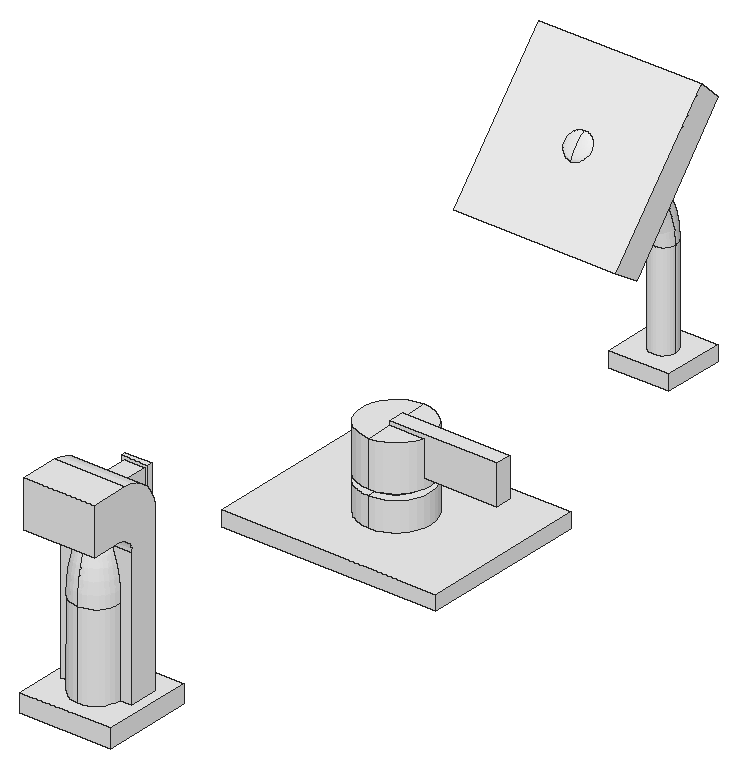
Revit family "Shower_System-Delta-Vero-Roman", category Plumbing Fixtures, host Face, Revit 2012
Parameters (values of type "Chrome")
  z Width = 7.075"  # constant formula
  z Type = 1
  z Tub Spout Visible = not(or(z Type = 12, z Type = 22, z Type = 32, z Type = 42))  # yes
  z Spout Position Desired [instance] = 52.125"
  z Shower Position Desired [instance] = 51.000"
  z Offset = 0.000"  # constant formula
  z Height = 10.000"  # constant formula
  Spout Position [instance] = if(z Spout Position Desired < 45.000", 5.000", if(z Spout Position Desired > 70.000", 30.000", z Spout Position Desired - 40.000"))  # 12.125"
  Shower Position [instance] = if(z Shower Position Desired < 45.000", 5.000", if(z Shower Position Desired > 70.000", 30.000", z Shower Position Desired - 40.000"))  # 11.000"
  z Depth [instance] = Spout Position + Shower Position + 2.750"  # 25.875"
  Width = z Width  # 7.075"
  URL = "http://www.deltafaucet.com/index.html"
  Product Page URL = "http://www.deltafaucet.com/bath/details/t14453.html"
  Product Material = Chrome - Delta - Polished
  Product Documentation Link = "http://www.deltafaucet.com/media/SpecSheet/DSP-B-T14053%20Rev%20F.pdf"
  Part Number [instance] = Model  # "T14453"
  Part Description [instance] = Description  # "Vero Monitor Series Tub and Shower Trim, Chrome"
  Model Disclaimer = "Contact Delta Faucet Company for More Information"  # constant formula
  Model = if(z Type = 1, "T14453", if(z Type = 2, "T14453-CZ", if(z Type = 3, "T14453-RB", if(z Type = 4, "T14453-SS", if(z Type = 12, "T14253", if(z Type = 22, "T14253-CZ", if(z Type = 32, "T14253-RB", if(z Type = 42, "T14253-SS", "Not Available"))))))))  # "T14453"
  Mixed Water Flow to Tub [instance] = 0 GPM
  Mixed Water Flow to Shower [instance] = 0 GPM
  Manufacturer = "Delta Faucet Company"  # constant formula
  Height [instance] = z Depth  # 25.875"
  Family Version = "1.0"  # constant formula
  Equipment Number [instance] = ""
  Equipment Abbreviation = "RT"
  Description = if(z Type = 1, "Vero Monitor Series Tub and Shower Trim, Chrome", if(z Type = 2, "Vero Monitor Series Tub and Shower Trim, Champagne Bronze", if(z Type = 3, "Vero Monitor Series Tub and Shower Trim, Venetian Bronze", if(z Type = 4, "Vero Monitor Series Tub and Shower Trim, Stainless", if(z Type = 12, "Vero Monitor Series Shower Trim, Chrome", if(z Type = 22, "Vero Monitor Series Shower Trim, Champagne Bronze", if(z Type = 32, "Vero Monitor Series Shower Trim, Venetian Bronze", if(z Type = 42, "Vero Monitor Series Shower Trim, Stainless", "Not Available"))))))))  # "Vero Monitor Series Tub and Shower Trim, Chrome"
  Depth = z Height  # 10.000"
  Default Elevation = 48.000"
  Date Modified = "July 17, 2015"  # constant formula
  Date Created = "July 17, 2015"  # constant formula
  Copyright = "Copyright ©2015 Delta Faucet Company"  # constant formula
Types (9): name | z Type | z Tub Spout Visible | Product Page URL | Product Material | Part Number | Part Description | Model | Description
  (no name) | 1 | yes | "http://www.deltafaucet.com/bath/details/t14453.html" | Chrome - Delta - Polished | "T14453" | "Vero Monitor Series Tub and Shower Trim, Chrome" | "T14453" | "Vero Monitor Series Tub and Shower Trim, Chrome"
  Chrome | 1 | yes | "http://www.deltafaucet.com/bath/details/t14453.html" | Chrome - Delta - Polished | "T14453" | "Vero Monitor Series Tub and Shower Trim, Chrome" | "T14453" | "Vero Monitor Series Tub and Shower Trim, Chrome"
  Champagne Bronze | 2 | yes | "http://www.deltafaucet.com/bath/details/t14453-cz.html" | Bronze - Delta - Champagne | "T14453-CZ" | "Vero Monitor Series Tub and Shower Trim, Champagne Bronze" | "T14453-CZ" | "Vero Monitor Series Tub and Shower Trim, Champagne Bronze"
  Venetian Bronze | 3 | yes | "http://www.deltafaucet.com/bath/details/t14453-rb.html" | Bronze - Delta - Venetian | "T14453-RB" | "Vero Monitor Series Tub and Shower Trim, Venetian Bronze" | "T14453-RB" | "Vero Monitor Series Tub and Shower Trim, Venetian Bronze"
  Stainless | 4 | yes | "http://www.deltafaucet.com/bath/details/t14453-ss.html" | Stainless Steel - Delta - Polished | "T14453-SS" | "Vero Monitor Series Tub and Shower Trim, Stainless" | "T14453-SS" | "Vero Monitor Series Tub and Shower Trim, Stainless"
  Chrome, Without Tub Spout | 12 | no | "http://www.deltafaucet.com/bath/details/t14453.html" | Chrome - Delta - Polished | "T14253" | "Vero Monitor Series Shower Trim, Chrome" | "T14253" | "Vero Monitor Series Shower Trim, Chrome"
  Champagne Bronze, Without Tub Spout | 22 | no | "http://www.deltafaucet.com/bath/details/t14453-cz.html" | Bronze - Delta - Champagne | "T14253-CZ" | "Vero Monitor Series Shower Trim, Champagne Bronze" | "T14253-CZ" | "Vero Monitor Series Shower Trim, Champagne Bronze"
  Stainless, Without Tub Spout | 42 | no | "http://www.deltafaucet.com/bath/details/t14453-ss.html" | Stainless Steel - Delta - Polished | "T14253-SS" | "Vero Monitor Series Shower Trim, Stainless" | "T14253-SS" | "Vero Monitor Series Shower Trim, Stainless"
  Venetian Bronze, Without Tub Spout | 32 | no | "http://www.deltafaucet.com/bath/details/t14453-rb.html" | Bronze - Delta - Venetian | "T14253-RB" | "Vero Monitor Series Shower Trim, Venetian Bronze" | "T14253-RB" | "Vero Monitor Series Shower Trim, Venetian Bronze"
Reference planes (in)
  plane 1 "Center (Front/Back)": y = 0
  plane 2 "Center (Elevation)": z = 0
  plane 3 "Center (Left/Right)": x = 0
  plane 4 "Left": x = -3.5375
  plane 5 "Right": x = 3.5375
  plane 6 "Back": y = 11
  plane 7 "Front": y = -12.125
  plane 8 "Bottom": z = 0
  plane 9 "Top": z = 10
  plane 10: z = 0.49964
  plane 11: z = 0.19964
  plane 12: y = 9.99988
  plane 13: y = 12.00012
  plane 14: z = 10.39911
  plane 15: y = 10.09961
  plane 16: z = 6.70979
  plane 17: x = -1
  plane 18: x = 0.99965
  plane 19: y = 8.96967
  plane 20: x = -2.6743
  plane 21: x = 2.6743
  plane 22: x = -0.86317
  plane 23: x = 0.86317
  plane 24: x = -1.35
  plane 25: x = 1.35
  plane 26: x = -3.54
  plane 27: x = 3.54
  plane 28: y = 2.7752
  plane 29: y = -2.775
  plane 30: y = -1.145
  plane 31: z = 1.45441
  plane 32: y = -0.85
  plane 33: z = 1.64906
  plane 34: z = 3.14906
  plane 35: z = 3.27117
  plane 36: y = -0.265
  plane 37: y = 0.265
  plane 38: z = 1.97912
  plane 39: y = -12.625
  plane 40: y = -11.375
  plane 41: z = 7.16428
  plane 42: y = -13.875
  plane 43: z = 5.61848
  plane 44: x = -1.16102
  plane 45: x = 1.16102
  plane 46: y = -10.625
  plane 47: y = -13.625
  plane 48: x = -1.5
  plane 49: x = 1.5
  plane 50: z = 0.59893
  plane 51: z = 5.84852
  plane 52: z = 6.28883
  plane 53: z = 6.72915
  plane 54: z = 6.62383
  plane 55: z = 5.95383
  plane 56: y = -10.765
  plane 57: x = -0.44
  plane 58: x = 0.44
  plane 59: x = -0.335
  plane 60: x = 0.335
  plane 61: y = 40
  plane 62: y = -40
  plane 63: y = -12.34672
  plane 64: z = 9.33614
Forms (in)
  Sweep 1, solid, material "Chrome - Delta - Polished" <- "Product Material"
    path origin (0, 0, 0) x (0, 1, 0) y (0, 0, 1)
      loop
        line (8.96967, 6.70979) -> (10.05416, 5.76706)
        arc (10.05416, 5.76706) -> (10.75239, 4.83202) -> (11, 3.69161) r 2.75
        line (11, 3.69161) -> (11, 0.19964)
    profile origin (0, 11, 1.94563) x (1, 0, 0) y (0, 1, 0)
      loop
        circle (0, 0) r 0.425
  Extrusion 2, solid, material "Chrome - Delta - Polished" <- "Product Material"
    sketch origin (0, 0, 0) x (1, 0, 0) y (0, 1, 0)
      loop
        line (-1, 12.00012) -> (-1, 9.99988) -> (0.99965, 9.99988) -> (0.99965, 12.00012) -> (-1, 12.00012)
    from 0 to 0.49964
  Extrusion 3, solid, material "Chrome - Delta - Polished" <- "Product Material"
    sketch origin (0, 8.96967, 6.70979) x (0, -0.75471, 0.656059) y (0, -0.656059, -0.75471)
      loop
        line (-0.03297, 0.80504) -> (-0.03297, -0.80504) -> (0.44718, -0.864) -> (0.44718, 0.864) -> (-0.03297, 0.80504)
    from -0.86317 to 0.86317
  Extrusion 4, solid, material "Chrome - Delta - Polished" <- "Product Material"
    sketch origin (0, 8.96967, 6.70979) x (0, -0.75471, 0.656059) y (0, -0.656059, -0.75471)
      loop
        line (0.94968, 1.3203) -> (0.44718, 1.20429) -> (0.44718, -1.20429) -> (0.99906, -1.3317) -> (0.94968, 1.3203)
    from -1.35 to 1.35
  Extrusion 5, solid, material "Chrome - Delta - Polished" <- "Product Material"
    sketch origin (0, 8.96967, 6.70979) x (0, -0.75471, 0.656059) y (0, -0.656059, -0.75471)
      loop
        line (1.95309, -2.65616) -> (1.95309, 2.7183) -> (0.92587, 2.59863) -> (1.02251, -2.59109) -> (1.95309, -2.65616)
    from -2.6743 to 2.6743
  Extrusion 6, solid, material "Chrome - Delta - Polished" <- "Product Material"
    sketch origin (0, 0, 0) x (1, 0, 0) y (0, 1, 0)
      loop
        line (-3.54, 2.7752) -> (-3.54, -2.775) -> (3.54, -2.775) -> (3.54, 2.7752) -> (-3.54, 2.7752)
    from 0 to 0.49964
  Revolve 7, solid, material "Chrome - Delta - Polished" <- "Product Material"
    sketch origin (0, 0, 0) x (0, 1, 0) y (0, 0, 1)
      loop
        line (0, 0.49964) -> (0, 3.14906) -> (-1.145, 3.14906) -> (-1.145, 1.64906) -> (-0.85, 1.64906) -> (-0.85, 1.45441) -> (-1.145, 1.45441) -> (-1.145, 0.49964) -> (0, 0.49964)
      axis (0, 3.14906) -> (0, 0.49964)
    angle from 0 to 360
  Extrusion 8, solid, material "Chrome - Delta - Polished" <- "Product Material"
    sketch origin (0, 0, 0) x (1, 0, 0) y (0, 1, 0)
      loop
        line (0, 0.265) -> (0, -0.265) -> (3.54, -0.265) -> (3.54, 0.265) -> (0, 0.265)
    from 1.97912 to 3.27117
  Extrusion 9, solid, material "Chrome - Delta - Polished" <- "Product Material", visible <- "z Tub Spout Visible"
    sketch origin (0, 0, 0) x (0, 1, 0) y (0, 0, 1)
      loop
        line (-13.875, 7.16428) -> (-13.875, 5.61848) -> (-12.85812, 5.61848)
        arc (-12.85812, 5.61848) -> (-12.4965, 5.46869) -> (-12.34672, 5.10708) r 0.5114
        line (-12.34672, 5.10708) -> (-12.34672, 0.49964) -> (-11.375, 0.49964) -> (-11.375, 5.91428)
        arc (-11.375, 5.91428) -> (-11.74112, 6.79817) -> (-12.625, 7.16428) r 1.25
        line (-12.625, 7.16428) -> (-13.875, 7.16428)
    from -1.16102 to 1.16102
  Revolve 10, solid, material "Chrome - Delta - Polished" <- "Product Material", visible <- "z Tub Spout Visible"
    sketch origin (0, 0, 0) x (0, 1, 0) y (0, 0, 1)
      loop
        line (-12.34672, 0.49964) -> (-12.34672, 5.61848)
        spline (-12.34672, 5.61848) -> (-12.44855, 5.59986) -> (-12.54864, 5.54433) -> (-12.64527, 5.45284) -> (-12.7368, 5.32696) -> (-12.82165, 5.16883) -> (-12.89838, 4.98116) -> (-12.96567, 4.76717) -> (-13.02236, 4.53051) -> (-13.0675, 4.27524) -> (-13.1003, 4.00572) -> (-13.12021, 3.72657) -> (-13.12689, 3.44255)
        line (-13.12689, 3.44255) -> (-13.12689, 0.49964) -> (-12.34672, 0.49964)
      axis (-12.34672, 0.49964) -> (-12.34672, 5.61848)
    angle from 0 to 360
  Extrusion 11, solid, material "Chrome - Delta - Polished" <- "Product Material", visible <- "z Tub Spout Visible"
    sketch origin (0, 0, 0) x (1, 0, 0) y (0, 1, 0)
      loop
        line (-1.5, -10.625) -> (-1.5, -13.625) -> (1.5, -13.625) -> (1.5, -10.625) -> (-1.5, -10.625)
    from 0 to 0.59893
  Extrusion 12, solid, material "Chrome - Delta - Polished" <- "Product Material", visible <- "z Tub Spout Visible"
    sketch origin (0, 0, 0) x (0, 1, 0) y (0, 0, 1)
      loop
        line (-10.765, 6.72915) -> (-10.765, 5.84852) -> (-10.625, 5.84852) -> (-10.625, 6.72915) -> (-10.765, 6.72915)
    from -0.44 to 0.44
  Extrusion 13, solid, material "Chrome - Delta - Polished" <- "Product Material", visible <- "z Tub Spout Visible"
    sketch origin (0, 0, 0) x (0, 1, 0) y (0, 0, 1)
      loop
        line (-12.625, 6.62383) -> (-12.625, 5.95383) -> (-10.765, 5.95383) -> (-10.765, 6.62383) -> (-12.625, 6.62383)
    from -0.335 to 0.335
  Revolve 14, solid, material "Chrome - Delta - Polished" <- "Product Material", detail levels fine
    sketch origin (0, 8.96967, 6.70979) x (0, -0.75471, 0.656059) y (0, -0.656059, -0.75471)
      loop
        line (1.95309, 0.43837) -> (1.96125, 0) -> (2.0264, 0)
        spline (2.0264, 0) -> (2.02488, 0.05357) -> (2.02231, 0.10634) -> (2.0187, 0.15754) -> (2.01412, 0.2064) -> (2.00864, 0.25221) -> (2.00233, 0.29429) -> (1.9953, 0.33201) -> (1.98763, 0.36481) -> (1.97946, 0.39221) -> (1.97089, 0.4138) -> (1.96205, 0.42926) -> (1.95309, 0.43837)
      axis (1.95309, 0) -> (2.0264, 0)
    angle from 0 to 360
Cuts and joins
  joined: Sweep 1, Extrusion 2, Extrusion 3, Extrusion 4, Extrusion 5
  joined: Extrusion 6, Revolve 7, Extrusion 8
  joined: Extrusion 9, Revolve 10, Extrusion 11, Extrusion 12, Extrusion 13
Lines and regions (in)
  Masking region 1
    outline origin (60, 11, 48) x (1, 0, 0) y (0, 0, 1)
      loop
        line (-59.56, -47.50036) -> (-59.56, -42.38152) -> (-57.3257, -42.38152) -> (-57.3257, -38) -> (-62.6743, -38) -> (-62.6743, -42.38152) -> (-60.44, -42.38152) -> (-60.44, -47.50036) -> (-61, -47.50036) -> (-61, -48) -> (-59.00035, -48) -> (-59.00035, -47.50036) -> (-59.56, -47.50036)
  Masking region 2, visible <- "z Tub Spout Visible"
    outline origin (60, -12.34672, 48) x (1, 0, 0) y (0, 0, 1)
      loop
        line (-58.5, -48) -> (-58.5, -47.40107) -> (-58.83898, -47.40107) -> (-58.83898, -40.83572) -> (-61.16102, -40.83572) -> (-61.16102, -47.40107) -> (-61.5, -47.40107) -> (-61.5, -48) -> (-58.5, -48)
  reference lines
    curve 1: line (0, 8.96967, 6.70979) -> (0, 7.49566, 7.99113)
    curve 10: line (-1.5, 8.35958, 8.98496) -> (1.5, 8.35958, 8.98496)
    curve 11: line (-1.5, 7.4739, 7.9661) -> (1.5, 7.4739, 7.9661)
    curve 12: line (-1.5, 6.58822, 6.94724) -> (1.5, 6.58822, 6.94724)
    curve 13: line (-1.5, 6.81784, 7.21139) -> (1.5, 6.81784, 7.21139)
    curve 14: line (-1.5, 8.12996, 8.72081) -> (1.5, 8.12996, 8.72081)
    curve 15: line (-3.54, 11, 0) -> (3.54, 11, 0)
    curve 16: line (-3.54, -12.125, 0) -> (3.54, -12.125, 0)
  model lines, detail levels fine
    curve 2: circle (-1.35, 8.35958, 8.98496) r 0.25 normal (0, -0.7547, 0.6561)
    curve 3: circle (1.35, 8.35958, 8.98496) r 0.25 normal (0, -0.7547, 0.6561)
    curve 4: circle (1.35, 6.58822, 6.94724) r 0.25 normal (0, -0.7547, 0.6561)
    curve 5: circle (-1.35, 6.58822, 6.94724) r 0.25 normal (0, -0.7547, 0.6561)
    curve 6: circle (-1, 7.4739, 7.9661) r 0.25 normal (0, -0.7547, 0.6561)
    curve 7: circle (0.99965, 7.4739, 7.9661) r 0.25 normal (0, -0.7547, 0.6561)
    curve 8: circle (0, 8.12996, 8.72081) r 0.25 normal (0, -0.7547, 0.6561)
    curve 9: circle (0, 6.81784, 7.21139) r 0.25 normal (0, -0.7547, 0.6561)
  symbolic lines, detail levels fine
    curve 17: line (-0.44, 12.00012, 5.61848) -> (-0.44, 12.00012, 6.72915)
    curve 18: line (0.44, 12.00012, 5.61848) -> (0.44, 12.00012, 6.72915)
    curve 19: spline (0.44, 12.00012, 6.72915) -> (0.42501, 12.00012, 6.80178) -> (0.38105, 12.00012, 6.86946) -> (0.31113, 12.00012, 6.92759) -> (0.22, 12.00012, 6.97219) -> (0.11388, 12.00012, 7.00022) -> (0, 12.00012, 7.00978) -> (-0.11388, 12.00012, 7.00022) -> (-0.22, 12.00012, 6.97219) -> (-0.31113, 12.00012, 6.92759) -> (-0.38105, 12.00012, 6.86946) -> (-0.42501, 12.00012, 6.80178) -> (-0.44, 12.00012, 6.72915)
    curve 20: line (-1.16102, -10.625, 0.59893) -> (1.16102, -10.625, 0.59893)
    curve 21: line (-2.6743, 12.00012, 9.33614) -> (2.6743, 12.00012, 9.33614)
Dimensions and locks (in)
  equal spacing: plane 4 "Left", plane 3 "Center (Left/Right)", plane 5 "Right"
  "z Width": plane 4 "Left" to plane 5 "Right"
  "z Height": plane 9 "Top" to plane 8 "Bottom"
  "z Offset": plane 8 "Bottom" to plane 2 "Center (Elevation)"
  plane 17 to plane 3 "Center (Left/Right)" to plane 18 = 1.000" locked, 0.99965" locked  (x2)
  locked: plane 24 to plane 3 "Center (Left/Right)" at 1.35
  locked: plane 3 "Center (Left/Right)" to plane 25 at 1.35
  plane 16 to plane 11 to plane 8 "Bottom" = 6.51015" locked, 0.19964" locked
  plane 19 to plane 12 to plane 15 to plane 6 "Back" to plane 13 = 1.0302" locked, 0.09974" locked, 0.90039" locked, 1.00012" locked
  Extrusion 3 sketch curve to Extrusion 3 sketch curve to Extrusion 3 sketch curve to Extrusion 3 sketch curve to plane 11 = 0.35951" locked, 0.94463" locked, 0.27052" locked, 5.88094" locked
  Extrusion 3 sketch curve to Extrusion 3 sketch curve to Extrusion 3 sketch curve to Extrusion 3 sketch curve to plane 6 "Back" = 0.40106" locked, 0.73261" locked, 0.3237" locked, 1.47728" locked
  Extrusion 4 sketch curve to Extrusion 4 sketch curve to Extrusion 4 sketch curve to Extrusion 4 sketch curve to plane 6 "Back" = 0.45534" locked, 1.24726" locked, 0.33292" locked, 1.57773" locked
  Extrusion 4 sketch curve to Extrusion 4 sketch curve to Extrusion 4 sketch curve to Extrusion 4 sketch curve to plane 11 = 0.45822" locked, 1.57567" locked, 0.24211" locked, 5.89464" locked
  Extrusion 5 sketch curve to Extrusion 5 sketch curve to Extrusion 5 sketch curve to Extrusion 5 sketch curve to plane 11 = 0.65963" locked, 3.39654" locked, 0.58359" locked, 5.15637" locked
  Extrusion 5 sketch curve to Extrusion 5 sketch curve to Extrusion 5 sketch curve to Extrusion 5 sketch curve to plane 6 "Back" = 0.85376" locked, 2.6722" locked, 0.65963" locked, 1.10211" locked
  Revolve 14 sketch curve to Revolve 14 sketch curve to Revolve 14 sketch curve to plane 6 "Back" = 0.23227" locked, 0.04917" locked, 3.5105" locked
  Revolve 14 sketch curve to Revolve 14 sketch curve to Revolve 14 sketch curve to plane 11 = 0.04274" locked, 0.3362" locked, 7.46065" locked
  Sweep 1 sketch curve to Sweep 1 sketch curve to Sweep 1 sketch curve to plane 11 = 0.94273" locked, 2.07545" locked, 3.49197" locked
  Sweep 1 sketch curve to Sweep 1 sketch curve to plane 6 "Back" = 1.08449" locked, 0.94584" locked
  plane 53 to plane 52 to plane 51 = 0.44031" locked, 0.44031" locked
  plane 54 to plane 52 to plane 55 = 0.335" locked, 0.335" locked
  plane 41 to plane 52 to plane 43 = 0.87545" locked, 0.67036" locked
  plane 42 to plane 47 to plane 39 to plane 63 to plane 7 "Front" to plane 40 to plane 56 to plane 46 = 0.250" locked, 1.000" locked, 0.27828" locked, 0.22172" locked, 0.750" locked, 0.610" locked, 0.140" locked
  plane 43 to plane 50 to plane 8 "Bottom" = 5.01954" locked, 0.59893" locked
  plane 35 to plane 34 to plane 38 to plane 33 to plane 31 to plane 10 to plane 8 "Bottom" = 0.12211" locked, 1.16994" locked, 0.33006" locked, 0.19465" locked, 0.95476" locked, 0.49964" locked
  plane 30 to plane 32 to plane 36 to plane 1 "Center (Front/Back)" to plane 37 = 0.295" locked, 0.585" locked, 0.265" locked, 0.265" locked
  plane 29 to plane 1 "Center (Front/Back)" to plane 28 = 2.775" locked, 2.7752" locked
  plane 20 to plane 3 "Center (Left/Right)" to plane 21 = 2.6743" locked, 2.6743" locked
  plane 22 to plane 3 "Center (Left/Right)" to plane 23 = 0.86317" locked, 0.86317" locked
  plane 24 to plane 3 "Center (Left/Right)" to plane 25 = 1.350" locked, 1.350" locked
  plane 26 to plane 3 "Center (Left/Right)" to plane 27 = 3.540" locked, 3.540" locked
  plane 57 to plane 3 "Center (Left/Right)" to plane 58 = 0.440" locked, 0.440" locked
  plane 59 to plane 3 "Center (Left/Right)" to plane 60 = 0.335" locked, 0.335" locked
  plane 44 to plane 3 "Center (Left/Right)" to plane 45 = 1.16102" locked, 1.16102" locked
  plane 48 to plane 3 "Center (Left/Right)" to plane 49 = 1.500" locked, 1.500" locked
  plane 62 to plane 1 "Center (Front/Back)" to plane 61 = 40.000" locked, 40.000" locked
  "z Spout Position Desired": plane 61 to curve 16
  "z Shower Position Desired": curve 15 to plane 62
  "Shower Position": plane 1 "Center (Front/Back)" to plane 6 "Back"
  "Spout Position": plane 7 "Front" to plane 1 "Center (Front/Back)"
  Extrusion 9 sketch curve to plane 7 "Front" = 0.73312"
  Extrusion 9 sketch curve to Extrusion 9 sketch curve to plane 8 "Bottom" = 0.80721" locked, 5.10708" locked
  locked: Revolve 10 sketch curve to plane 63 at 0.78017
  Revolve 10 sketch curve to Revolve 10 sketch curve to plane 8 "Bottom" = 2.17592" locked, 3.44255" locked
  locked: curve 19 to plane 53 at 0.28064
  plane 14 to plane 9 "Top" to plane 64 = 0.39911" locked, 0.66386" locked
  locked: curve 1 to plane 16 (angle 41.000°)
  aligned and locked: plane 2 "Center (Elevation)" to host face
  aligned and locked: level to host face
  aligned and locked: Extrusion 2 sketch curve to plane 13
  aligned and locked: plane 17 to Extrusion 2 sketch curve
  aligned and locked: Extrusion 2 sketch curve to plane 18
  aligned and locked: Extrusion 2 sketch curve to plane 12
  aligned and locked: plane 10 to Extrusion 2
  aligned and locked: Extrusion 3 to plane 22
  aligned and locked: Extrusion 3 to plane 23
  aligned and locked: Extrusion 4 to plane 24
  aligned and locked: Extrusion 4 to plane 25
  aligned and locked: Extrusion 5 to plane 21
  aligned and locked: Extrusion 5 to plane 20
  aligned and locked: Extrusion 6 sketch curve to plane 27
  aligned and locked: Extrusion 6 sketch curve to plane 29
  aligned and locked: plane 26 to Extrusion 6 sketch curve
  aligned and locked: plane 28 to Extrusion 6 sketch curve
  aligned and locked: plane 10 to Extrusion 6
  aligned and locked: Extrusion 6 to plane 8 "Bottom"
  aligned and locked: Extrusion 8 sketch curve to plane 27
  aligned and locked: plane 37 to Extrusion 8 sketch curve
  aligned and locked: Extrusion 8 sketch curve to plane 36
  aligned and locked: plane 3 "Center (Left/Right)" to Extrusion 8 sketch curve
  aligned and locked: Extrusion 8 to plane 38
  aligned and locked: plane 35 to Extrusion 8
  aligned and locked: Extrusion 9 to plane 44
  aligned and locked: Extrusion 9 to plane 45
  aligned and locked: Extrusion 11 sketch curve to plane 49
  aligned and locked: plane 48 to Extrusion 11 sketch curve
  aligned and locked: plane 46 to Extrusion 11 sketch curve
  aligned and locked: Extrusion 11 sketch curve to plane 47
  aligned and locked: plane 50 to Extrusion 11
  aligned and locked: Extrusion 11 to plane 8 "Bottom"
  aligned and locked: plane 46 to Extrusion 12 sketch curve
  aligned and locked: plane 51 to Extrusion 12 sketch curve
  aligned and locked: Extrusion 12 sketch curve to plane 56
  aligned and locked: plane 53 to Extrusion 12 sketch curve
  aligned and locked: Extrusion 13 sketch curve to plane 39
  aligned and locked: Extrusion 13 sketch curve to plane 55
  aligned and locked: Extrusion 13 sketch curve to plane 54
  aligned and locked: plane 56 to Extrusion 13 sketch curve
  aligned and locked: Extrusion 12 to plane 57
  aligned and locked: plane 58 to Extrusion 12
  aligned and locked: Extrusion 13 to plane 59
  aligned and locked: plane 60 to Extrusion 13
  aligned and locked: plane 3 "Center (Left/Right)" to curve 8
  aligned and locked: plane 3 "Center (Left/Right)" to curve 9
  aligned and locked: cut or joined group of Sweep 1, Extrusion 2, Extrusion 3, Extrusion 4, Extrusion 5 to curve 5
  aligned and locked: curve 4 to cut or joined group of Sweep 1, Extrusion 2, Extrusion 3, Extrusion 4, Extrusion 5
  aligned and locked: plane 18 to curve 7
  aligned and locked: plane 17 to curve 6
  aligned and locked: cut or joined group of Sweep 1, Extrusion 2, Extrusion 3, Extrusion 4, Extrusion 5 to curve 2
  aligned and locked: plane 25 to curve 3
  aligned and locked: cut or joined group of Sweep 1, Extrusion 2, Extrusion 3, Extrusion 4, Extrusion 5 to plane 11
  aligned and locked: plane 10 to cut or joined group of Sweep 1, Extrusion 2, Extrusion 3, Extrusion 4, Extrusion 5
  aligned and locked: curve 11 to curve 6
  aligned and locked: curve 11 to curve 7
  aligned and locked: curve 12 to curve 5
  aligned and locked: curve 12 to curve 4
  aligned and locked: curve 14 to curve 8
  aligned and locked: curve 10 to curve 2
  aligned and locked: curve 10 to curve 3
  aligned and locked: curve 13 to curve 9
  aligned and locked: plane 6 "Back" to Sweep 1 sketch curve
  aligned and locked: plane 19 to curve 1
  aligned and locked: plane 16 to curve 1
  aligned and locked: cut or joined group of Sweep 1, Extrusion 2, Extrusion 3, Extrusion 4, Extrusion 5 to plane 8 "Bottom"
  aligned and locked: plane 27 to curve 15
  aligned and locked: plane 26 to curve 15
  aligned and locked: plane 27 to curve 16
  aligned and locked: plane 26 to curve 16
  aligned and locked: Masking region 1 sketch curve to plane 58
  aligned and locked: Masking region 1 sketch curve to plane 57
  aligned and locked: Masking region 1 sketch curve to plane 10
  aligned and locked: Masking region 1 sketch curve to plane 8 "Bottom"
  aligned and locked: Masking region 1 sketch curve to plane 17
  aligned and locked: plane 18 to Masking region 1 sketch curve
  aligned and locked: plane 10 to Masking region 1 sketch curve
  aligned and locked: plane 42 to Extrusion 9 sketch curve
  aligned and locked: Extrusion 9 sketch curve to plane 41
  aligned and locked: Extrusion 9 sketch curve to plane 43
  aligned and locked: plane 40 to Extrusion 9 sketch curve
  aligned and locked: Extrusion 9 sketch curve to plane 10
  aligned and locked: plane 39 to Extrusion 9 sketch curve
  aligned and locked: plane 63 to Extrusion 9 sketch curve
  aligned and locked: Revolve 10 sketch curve to plane 63
  aligned and locked: plane 63 to Revolve 10 sketch curve
  aligned and locked: plane 10 to Revolve 10 sketch curve
  aligned and locked: Revolve 7 sketch curve to plane 30  (x2)
  aligned and locked: Revolve 7 sketch curve to plane 34
  aligned and locked: plane 33 to Revolve 7 sketch curve
  aligned and locked: Revolve 7 sketch curve to plane 32
  aligned and locked: Revolve 7 sketch curve to plane 31
  aligned and locked: plane 10 to Revolve 7 sketch curve
  aligned and locked: plane 1 "Center (Front/Back)" to Revolve 7 sketch curve  (x2)
  aligned and locked: plane 21 to Masking region 1 sketch curve
  aligned and locked: Masking region 1 sketch curve to plane 9 "Top"
  aligned and locked: plane 20 to Masking region 1 sketch curve
  aligned and locked: plane 43 to Masking region 1 sketch curve
  aligned and locked: Masking region 1 sketch curve to plane 43
  aligned and locked: plane 57 to curve 17
  aligned and locked: plane 58 to curve 18
  aligned and locked: plane 53 to curve 19  (x3)
  aligned and locked: plane 3 "Center (Left/Right)" to curve 19
  aligned and locked: plane 48 to Masking region 2 sketch curve
  aligned and locked: plane 44 to Masking region 2 sketch curve
  aligned and locked: Masking region 2 sketch curve to plane 49
  aligned and locked: plane 45 to Masking region 2 sketch curve
  aligned and locked: Masking region 2 sketch curve to plane 50  (x2)
  aligned and locked: plane 8 "Bottom" to Masking region 2 sketch curve
  aligned and locked: Masking region 2 sketch curve to plane 41
  aligned and locked: plane 45 to curve 20
  aligned and locked: plane 44 to curve 20
  aligned and locked: curve 20 to plane 50
  aligned and locked: plane 21 to curve 21
  aligned and locked: plane 20 to curve 21
  aligned and locked: curve 21 to plane 64
Automatic sketch dimensions
  host sketch curve to host sketch curve = 0.81786"
  host sketch curve to host sketch curve = 0.41665"
  Sweep 1 sketch curve to plane 11 = 0.000"
  Sweep 1 sketch curve to plane 3 "Center (Left/Right)" = 0.000"
  profile plane to Sweep 1 sketch curve = 0.000"
  Revolve 7 sketch curve to plane 8 "Bottom" = 2.20745"
  plane 35 to Revolve 7 sketch curve = 0.59871"
  plane 52 to Revolve 10 sketch curve = 0.05702"
  Revolve 10 sketch curve to plane 8 "Bottom" = 0.90414"
  Revolve 14 sketch curve to curve 1 = 0.000"  (x2)
  Revolve 14 sketch curve to curve 1 = 0.0001"
  Revolve 14 sketch curve to Revolve 14 sketch curve = 0.22553"
  Revolve 14 sketch curve to Revolve 14 sketch curve = 0.06733"
  curve 10 to plane 48 = 0.000"
  curve 13 to plane 48 = 0.000"
  curve 11 to plane 48 = 0.000"
  curve 12 to plane 48 = 0.000"
  curve 14 to plane 48 = 0.000"
  curve 10 to plane 49 = 0.000"
  curve 13 to plane 49 = 0.000"
  curve 12 to plane 49 = 0.000"
  curve 11 to plane 49 = 0.000"
  curve 14 to plane 49 = 0.000"
  curve 12 to curve 13 = 0.350"
  curve 13 to curve 11 = 1.000"
  curve 11 to curve 14 = 1.000"
  curve 14 to curve 10 = 0.350"
  curve 18 to plane 43 = 0.000"
  curve 17 to plane 43 = 0.000"
  radius of Sweep 1 sketch curve = 0.425"
  radius of curve 2 = 0.250"
  radius of curve 3 = 0.250"
  radius of curve 4 = 0.250"
  radius of curve 5 = 0.250"
  radius of curve 6 = 0.250"
  radius of curve 7 = 0.250"
  radius of curve 8 = 0.250"
  radius of curve 9 = 0.250"
Connectors (in)
  piping at (0, -12.125, 0), driven by "Mixed Water Flow to Tub"
    settings: on cut or joined group of Extrusion 9, Revolve 10, Extrusion 11, Extrusion 12, Extrusion 13, index 1, connector radius 3/8", flow factor 0, pipe flow 0 GPM, pressure drop 0.00 psi, fitting loss kfactor 0, connector angle 0.000°, fixture units 0, engagement length 0.000", flow configuration 0, flow direction 1, fitting loss method 0, system type 22, joint type 0, gender type 0, connector reference index -1, connector utility 0, adjustable connector no, is connector primary yes, fitting loss table "", connector description "Tub Spout Inlet"
  piping at (-0.00018, 11, 0), driven by "Mixed Water Flow to Shower"
    settings: on cut or joined group of Sweep 1, Extrusion 2, Extrusion 3, Extrusion 4, Extrusion 5, index 2, connector radius 1/4", flow factor 0, pipe flow 0 GPM, pressure drop 0.00 psi, fitting loss kfactor 0, connector angle 0.000°, fixture units 0, engagement length 0.000", flow configuration 0, flow direction 1, fitting loss method 0, system type 22, joint type 0, gender type 0, connector reference index -1, connector utility 0, adjustable connector no, is connector primary no, fitting loss table "", connector description "Shower Spout Inlet"
  piping at (0, 0.0001, 0)
    settings: on cut or joined group of Extrusion 6, Revolve 7, Extrusion 8, index 3, connector radius 1/4", flow factor 0, pipe flow 0 GPM, pressure drop 0.00 psi, fitting loss kfactor 0, connector angle 0.000°, fixture units 0, engagement length 0.000", flow configuration 0, flow direction 1, fitting loss method 0, system type 22, joint type 0, gender type 0, connector reference index -1, connector utility 0, adjustable connector no, is connector primary no, fitting loss table "", connector description "Hot/Cold Water Supply"
